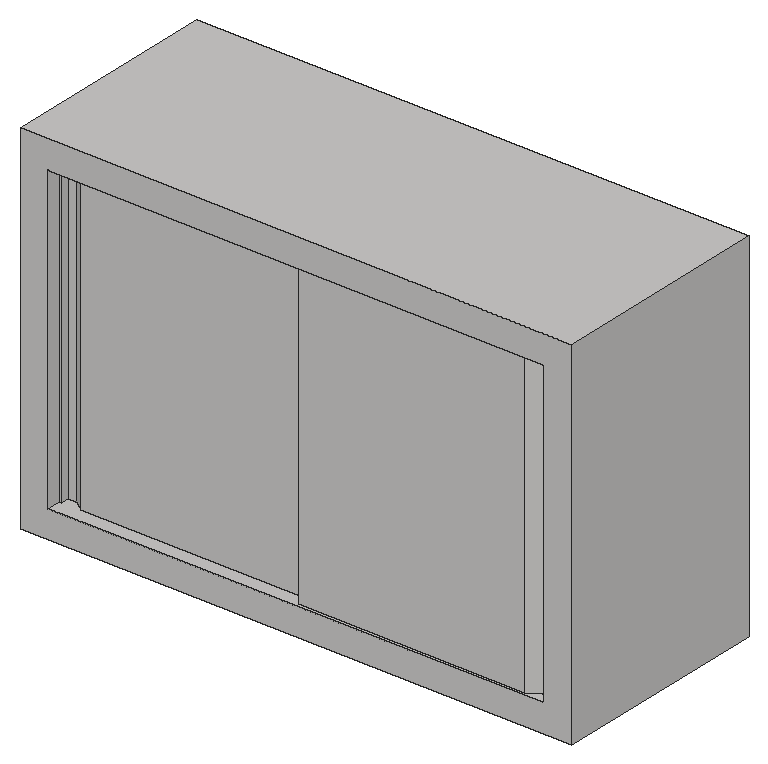
Revit family "QF_ELECTROLUXPROFESSIONAL_132921_SPS10LCN", category Specialty Equipment, Revit 2018
Family settings
  Round Connector Dimension = Use Diameter
  Part Type = Normal
  Work Plane-Based = No
  Always vertical = Yes
  Cut with Voids When Loaded = No
  Shared = No
  Room Calculation Point = No
Parameters
  Weight = 0.00 kg
  Watts = 0 W
  Volts = 0 V
  URL Manufacturer = ""
  Steam Supply Size = 0 mm
  Steam Supply Minimum Pressure = 0.0 Pa
  Steam Supply Maximum Pressure = 0.0 Pa
  Steam Pounds per Hour = 0
  Refrigeration Suction Line Size = 0 mm
  Refrigeration Liquid Line Size = 0 mm
  Refrigerant Compressor Remote = yes
  Phase = 0
  Length Actual = 0 mm
  Item Number = ""
  Hot Water Size = 0 mm
  Height Actual = 0 mm
  HP = ""
  Gas Size = 0 mm
  Gas KW = 0
  Gas Input Pressure = 0 W
  Direct Waste Size = 0 mm
  Depth Actual = 0 mm
  Cycle = 0 Hz
  Condensate Return Size = 0 mm
  Compressed Air Volume = 0.0 L/s
  Compressed Air Size = 0 mm
  Compressed Air Pressure = 0.0 Pa
  Cold Water Size = 0 mm
  Accessory = yes
Reference planes
  plane 1 "Center (Front/Back)": y = 0
  plane 2: z = 0
  plane 3 "Center (Left/Right)": x = 0
  plane 4: y = 200
  plane 5 "Left": x = -500
  plane 6 "Right": x = 500
  plane 7: y = -200
  plane 8: y = -154.5
  plane 9: z = 2200
  plane 10: z = 1550
  plane 11: y = 150
Forms (mm)
  Extrusion 1, solid, material "QF_Finishes_Stainless Steel"
    sketch origin (0, 0, 0) x (1, 0, 0) y (0, 1, 0)
      loop
        line (-500, 200) -> (-500, -200) -> (500, -200) -> (500, 200) -> (-500, 200)
    from 1550 to 2200
  Extrusion 2, void
    sketch origin (500, -154.5, 0) x (1, 0, 0) y (0, 0, -1)
      loop
        line (-950, -2150) -> (-50, -2150) -> (-50, -1600) -> (-950, -1600) -> (-950, -2150)
    from -45.5 to 304.5
Cuts and joins
  Extrusion 2 cuts Extrusion 1
Lines and regions (mm)
  symbolic lines
    curve 1: line (-500, 200, 0) -> (500, 200, 0)
    curve 2: line (-500, -200, 0) -> (-500, 200, 0)
    curve 3: line (500, -200, 0) -> (-500, -200, 0)
    curve 4: line (500, 200, 0) -> (500, -200, 0)
    curve 5: line (-500, 200, 0) -> (500, -200, 0)
    curve 6: line (-500, -200, 0) -> (500, 200, 0)
Dimensions and locks
  equal spacing: plane 5 "Left", plane 3 "Center (Left/Right)", plane 6 "Right"
  equal spacing: plane 4, plane 1 "Center (Front/Back)", plane 7
  plane 8 to plane 7 = 45.5 mm
  plane 10 to level = 1550 mm
  plane 3 "Center (Left/Right)" to plane 6 "Right" = 500 mm
  plane 7 to plane 1 "Center (Front/Back)" = 200 mm
  locked: plane 4 to plane 11 at 50
  locked: cut or joined group of Extrusion 1, Extrusion 2 to plane 9 at 50
  locked: plane 5 "Left" to Extrusion 2 sketch curve at 50
  locked: plane 6 "Right" to Extrusion 2 sketch curve at 50
  plane 10 to nested 1 = 50 mm
  plane 9 to plane 10 = 650 mm
  aligned and locked: level to plane 2
  aligned and locked: plane 11 to Extrusion 2
  aligned and locked: cut or joined group of Extrusion 1, Extrusion 2 to nested 1  (x2)
  aligned and locked: Extrusion 1 to plane 10
  aligned and locked: plane 9 to Extrusion 1
  aligned and locked: nested 1 to cut or joined group of Extrusion 1, Extrusion 2  (x2)
Automatic sketch dimensions
  plane 5 "Left" to Extrusion 1 sketch curve = 0 mm
  Extrusion 1 sketch curve to plane 6 "Right" = 0 mm
  Extrusion 1 sketch curve to plane 4 = 0 mm
  Extrusion 2 sketch curve to plane 9 = 50 mm
  plane 10 to Extrusion 2 sketch curve = 50 mm
  Extrusion 1 sketch curve to plane 8 = 45.5 mm
  curve 1 to plane 4 = 0 mm
  curve 1 to plane 5 "Left" = 0 mm
  curve 6 to plane 6 "Right" = 0 mm
  curve 3 to plane 7 = 0 mm
Nested families
  nested 1: "Sliding Door" at (0, -154.5, 1875) x (-1, 0, 0) z (0, -1, 0), type "Sliding Door"
    with L 900 mm, H 550 mm
Definition of nested family "Sliding Door"
  Parameters
    L [instance] = 468 mm
    H [instance] = 560 mm
    Default Elevation = 1219.2 mm
  Reference planes
    plane 1 "Centro (Fronte/Retro)": y = 0
    plane 2: z = 0
    plane 3 "Centro (Sinistra/Destra)": x = 0
    plane 4: y = 280
    plane 5: y = -280
    plane 6: x = 234
    plane 7: x = -234
  Forms (mm)
    Extrusion 1, solid
      sketch origin (0, 0, 0) x (1, 0, 0) y (0, 1, 0)
        loop
          line (-1219.2, 1219.2) -> (-1219.2, -1219.2) -> (1219.2, -1219.2) -> (1219.2, 1219.2) -> (-1219.2, 1219.2)
      from 0 to -304.8
    Extrusion 2, solid
      sketch origin (-234, 0, 20) x (-1, 0, 0) y (0, 0, -1)
        loop
          line (-234, 0) -> (-234, -20) -> (-39.641, -20) -> (-19.162, -5.661) -> (-5, -5.661) -> (-5, -20) -> (0, -20) -> (0, 0) -> (-234, 0)
      from -280 to 280
    Extrusion 3, solid
      sketch origin (234, 0, 0) x (1, 0, 0) y (0, 0, 1)
        loop
          line (-234, 0) -> (0, 0) -> (0, 20) -> (-5, 20) -> (-5, 5.661) -> (-19.162, 5.661) -> (-39.641, 20) -> (-234, 20) -> (-234, 0)
      from -280 to 280
  Dimensions and locks
    equal spacing: plane 4, plane 1 "Centro (Fronte/Retro)", plane 5
    "H": plane 4 to plane 5
    "L": plane 6 to plane 7
    locked: Extrusion 2 sketch curve to Extrusion 2 sketch curve at 5
    locked: Extrusion 2 sketch curve to Extrusion 2 sketch curve at 14.162
    locked: Extrusion 2 sketch curve to Extrusion 2 sketch curve at 39.641
    locked: Extrusion 3 sketch curve to Extrusion 3 sketch curve at 5
    locked: Extrusion 3 sketch curve to Extrusion 3 sketch curve at 14.162
    locked: Extrusion 3 sketch curve to Extrusion 3 sketch curve at 39.641
    equal spacing: plane 7, plane 3 "Centro (Sinistra/Destra)", plane 6
    aligned and locked: plane 2 to Extrusion 1
    aligned and locked: level to Extrusion 1
    aligned and locked: plane 4 to Extrusion 2
    aligned and locked: Extrusion 2 to plane 5
    aligned and locked: Extrusion 3 to plane 5
    aligned and locked: plane 4 to Extrusion 3
  Automatic sketch dimensions
    Extrusion 1 sketch curve to Extrusion 1 sketch curve = 2438.4 mm  (x2)
    Extrusion 2 sketch curve to plane 3 "Centro (Sinistra/Destra)" = 0 mm
    plane 7 to Extrusion 2 sketch curve = 0 mm
    Extrusion 2 sketch curve to Extrusion 2 sketch curve = 14.339 mm  (x2)
    Extrusion 3 sketch curve to plane 3 "Centro (Sinistra/Destra)" = 0 mm
    Extrusion 3 sketch curve to plane 6 = 0 mm
    Extrusion 3 sketch curve to Extrusion 3 sketch curve = 14.339 mm
    level to Extrusion 2 sketch curve = 40 mm
    Extrusion 2 sketch curve to Extrusion 2 sketch curve = 20 mm
    Extrusion 3 sketch curve to level = 0 mm
    level to Extrusion 3 sketch curve = 5.661 mm
    level to Extrusion 3 sketch curve = 20 mm
